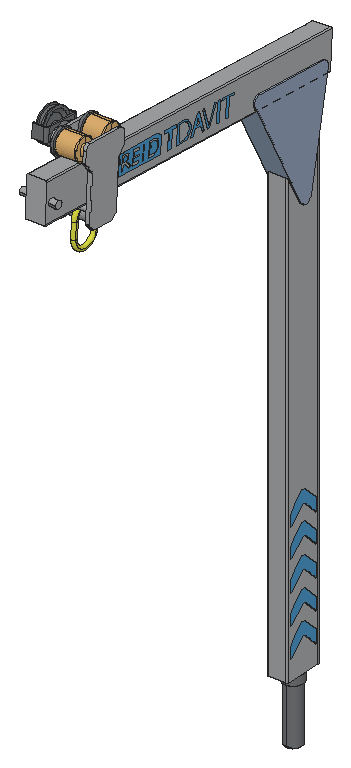
Revit family "REIDLifting_TDAVIT_TDT_GearedTrolley", category Specialty Equipment, Revit 2019
Family settings
  Round Connector Dimension = Use Diameter
  Part Type = Normal
  OmniClass Number = 23.50.05.14
  OmniClass Title = Lifts
  Work Plane-Based = No
  Always vertical = Yes
  Cut with Voids When Loaded = No
  Shared = No
  Room Calculation Point = No
Parameters (values of type "TDTA31200")
  _ObjectUserGuide = "https://www.bimstore.co/products/reid-lifting-tdt/document/object-user-guide"
  _DistributedBy = "https://www.bimstore.co/"
  _CurrentRevision = 1
  _CreatedBy = "https://www.bimstore.co/"
  _BimSpecGuid = 0
  _BSBibleVersion = 17
  _AuthorizedBy = "bimstore"
  _Author = "RL"
  WarrantyStartDate [instance] = "Please Record On Commissioning."
  WarrantyGuarantorParts = "enquiries@reidlifting.com"
  WarrantyGuarantorLabor = "enquiries@reidlifting.com"
  WarrantyDurationUnit = "Years"
  WarrantyDurationParts = "0"
  WarrantyDurationLabor = "0"
  WarrantyDescription = "n/a"
  URL = "https://uk.reidlifting.com/"
  TypeName = "TDAVIT TDT - Geared Trolley"
  Type Comments = "TDTA31200"
  TrolleyPosition [instance] = 1000 mm
  TopMountSocketSTMS1000 = TopMountSocket : STMS1000
  TopMountSocketSTMS0500V2 = TopMountSocket : STMS0500V2
  TopMountSocketSTMG1000 = TopMountSocket : STMG1000
  TopMountSocketSTMG0500V2 = TopMountSocket : STMG0500V2
  TopMountSocketSTMA0500 = TopMountSocket : STMA0500
  TopBeamLength = 1369 mm
  SpareParts = "enquiries@reidlifting.com"
  SocketPedestalsSP1100 = SocketPedestals : SP1100
  SocketPedestalsSP0800 = SocketPedestals : SP0800
  SocketPedestalsSP0500 = SocketPedestals : SP0500
  SocketOffset [instance] = if(Socket = SocketPedestalsSP0500, 500 mm, if(Socket = SocketPedestalsSP0800, 800 mm, if(Socket = SocketPedestalsSP1100, 1100 mm, if(Socket = BridgeMountSocketSBMA0500, 194 mm, if(Socket = BridgeMountSocketSBMG0500, 194 mm, if(Socket = BridgeMountSocketSBMS0500, 194 mm, if(Socket = TopMountSocketSTMA0500, 265.4 mm, if(Socket = TopMountSocketSTMG0500V2, 264 mm, if(Socket = TopMountSocketSTMG1000, 264 mm, if(Socket = TopMountSocketSTMS0500V2, 264 mm, if(Socket = TopMountSocketSTMS1000, 264 mm, if(Socket = SideMountSocketSSMA0500, 414 mm, if(Socket = SideMountSocketSSMG0500V2, 414 mm, if(Socket = SideMountSocketSSMG1000, 414 mm, if(Socket = SideMountSocketSSMS0500V2, 414 mm, if(Socket = SideMountSocketSSMS1000, 414 mm, 0 mm))))))))))))))))  # 0 mm
  SocketExtensionOffset [instance] = 0 mm  # constant formula
  Socket [instance] = BridgeMountSocket : n/a
  Size = "n/a"
  SideMountSocketSSMS1000 = SideMountSocket : SSMS1000
  SideMountSocketSSMS0500V2 = SideMountSocket : SSMS0500V2
  SideMountSocketSSMG1000 = SideMountSocket : SSMG1000
  SideMountSocketSSMG0500V2 = SideMountSocket : SSMG0500V2
  SideMountSocketSSMA0500 = SideMountSocket : SSMA0500
  Shape = "n/a"
  SerialNumber [instance] = "Please Record On Commissioning."
  ReplacementCost = "n/a"
  ReferencedStandard = "n/a"
  ProductionYear = "2023"
  NominalLength = 0 mm
  NominalHeight = 0 mm
  NominalDepth = 0 mm
  NBSReference = "n/a"
  NBSOfficeMasterTag = "n/a"
  NBSObjectName = "REID Lifting - Construction lifts"
  NBSNote = "n/a"
  NBSDescription = "Construction lifts"
  ModelReference = "TDAVIT TDT - Geared Trolley"
  ModelNumber = "TDTA31200"
  Model = "TDAVIT TDT - Geared Trolley"
  Material = "Steel"
  ManufacturerName = "REID Lifting"
  Manufacturer = "REID Lifting"
  Keynote = "N"
  InstallationDate [instance] = "Please Record On Commissioning."
  IfcExportType = "IfcBuildingElementProxy"
  IfcExportAs = "IfcBuildingElementProxy"
  Grade = "n/a"
  Finish = "Painted Steel"
  Features = "n/a"
  ExpectedLife = 0
  DurationUnit = "Years"
  DocumentationTechnical = "https://www.bimstore.co/products/reid-lifting-tdt/document/technical-data-sheet"
  DocumentationMaintenance = "https://www.bimstore.co/products/reid-lifting-tdt/document/maintenance-information"
  DocumentationLiterature = "https://www.bimstore.co/products/reid-lifting-tdt/document/product-literature"
  DocumentationInstallationGuide = "https://www.bimstore.co/products/reid-lifting-tdt/document/installation-guide"
  DocumentationCertificates = "https://www.bimstore.co/products/reid-lifting-tdt/document/product-certificates"
  Description = "Our TDAVIT - TDT is lightweight, portable and has been designed to meet customer needs where the lifting and moving of equipment in tight spaces is a challenge."
  CreatedOn = "2023-03-01T09:00:00"
  CreatedBy = "enquiries@reidlifting.com"
  Cost = 0
  Constituents = "n/a"
  Color = "Grey & Blue"
  CodePerformance = "n/a"
  ClassificationValue = "TE_30_30_10"
  ClassificationName = "Uniclass2015"
  BridgeMountSocketSBMS0500 = BridgeMountSocket : SBMS0500
  BridgeMountSocketSBMG0500 = BridgeMountSocket : SBMG0500
  BridgeMountSocketSBMA0500 = BridgeMountSocket : SBMA0500
  BarCode [instance] = "Please Record On Commissioning."
  BIMObjectName = "REIDLifting_TDAVIT_TDT_GearedTrolley"
  AssetType = "Fixed"
  AssetIdentifier [instance] = "n/a"
  Assembly Code = "D1010300"
  AccessibilityPerformance = "n/a"
Types (12, lengths in mm): name | Type Comments | TopBeamLength | ModelNumber
  TDTA51200 | "TDTA51200" | 1369 | "TDTA51200"
  TDTA32000 | "TDTA32000" | 2147 | "TDTA32000"
  TDTA31700 | "TDTA31700" | 1865 | "TDTA31700"
  TDTA31500 | "TDTA31500" | 1647 | "TDTA31500"
  TDTA31200 | "TDTA31200" | 1369 | "TDTA31200"
  TDTA42000 | "TDTA42000" | 2147 | "TDTA42000"
  TDTA41700 | "TDTA41700" | 1865 | "TDTA41700"
  TDTA41500 | "TDTA41500" | 1647 | "TDTA41500"
  TDTA41200 | "TDTA41200" | 1369 | "TDTA41200"
  TDTA52000 | "TDTA52000" | 2147 | "TDTA52000"
  TDTA51700 | "TDTA51700" | 1865 | "TDTA51700"
  TDTA51500 | "TDTA51500" | 1647 | "TDTA51500"
Reference planes
  plane 1 "Center (Front/Back)": y = 0
  plane 2: z = 0
  plane 3 "Center (Left/Right)": x = 0
  plane 4: z = 0
  plane 5: z = 0
Dimensions and locks
  "SocketOffset": plane 4 to plane 2
  "SocketExtensionOffset": plane 5 to plane 4
  aligned and locked: level to plane 2
  aligned and locked: plane 3 "Center (Left/Right)" to nested 1
  aligned and locked: plane 1 "Center (Front/Back)" to nested 1
  aligned and locked: plane 3 "Center (Left/Right)" to nested 2
  aligned and locked: plane 1 "Center (Front/Back)" to nested 2
Nested families
  nested 1: "REIDLifting_TDT" at (0, 0, 0), TrolleyPosition <- "TrolleyPosition", type "TDT"
    with TrolleyPositionCalc 1000 mm, TrolleyPosition 1000 mm
  nested 2: "BridgeMountSocket" at (0, 0, 0), type <- "Socket", type "n/a"
Definition of nested family "REIDLifting_TDT"
  Parameters (values of type "TDT")
    YellowPaintedSteel = none
    URL = "https://uk.reidlifting.com/"
    Type Comments = "TDTA31200"
    TrolleyPositionCalc [instance] = if(TrolleyPosition > TrolleyPositionMax, TrolleyPositionMax, if(TrolleyPosition < TrolleyPositionMin, TrolleyPositionMin, TrolleyPosition))  # 1000 mm
    TrolleyPosition [instance] = 1000 mm
    TopBeamLength = 1369 mm
    TrolleyPositionMin = 335 mm
    TrolleyPositionMax = 1200 mm
    OrangePaintedSteel = none
    Model = "T-Davit Type T Column 3 Radius 1200mm WLL400kg"
    Manufacturer = "REID Lifting"
    Keynote = "N"
    GreyPaintedSteel = none
    Description = "T-Davit Type T Column 3 Radius 1200mm WLL400kg"
    Default Elevation = 0 mm
    Cost = 0
    BlueSticker = none
    BluePaintedSteel = none
    BlackPaintedSteel = none
    Assembly Code = "D1010300"
  Reference planes
    plane 1 "Center (Front/Back)": y = 0
    plane 2: z = 0
    plane 3 "Center (Left/Right)": x = 0
    plane 4: through (0, 137.289, 2161.825) normal (0, -0.9986, 0.0523)
    plane 5: through (0, -326.565, 2186.134) normal (0, -0.9986, 0.0523)
    plane 6: through (0, -1190.379, 2231.405) normal (0, -0.9986, 0.0523)
    plane 7: through (0, -1229.835, 2233.472) normal (0, -0.9986, 0.0523)
    plane 8: through (0, -990.654, 2220.937) normal (0, -0.9986, 0.0523)
    plane 9: through (0, 7.976, 2168.602) normal (0, -0.9986, 0.0523)
    plane 10: through (0, -1237.811, 2081.281) normal (0, -0.0523, -0.9986)
  Forms (mm)
    Extrusion 1, solid
      sketch origin (0, 0, 0) x (1, 0, 0) y (0, 1, 0)
        loop
          line (-1219.2, 1219.2) -> (-1219.2, -1219.2) -> (1219.2, -1219.2) -> (1219.2, 1219.2) -> (-1219.2, 1219.2)
      from 0 to -304.8
    Revolve 2, solid, material <- "BlackPaintedSteel"
      sketch origin (0, 0, 0) x (0, 1, 0) y (0, 0, 1)
        loop
          line (29.75, -255) -> (31.75, -253) -> (31.75, -40)
          arc (31.75, -40) -> (33.214, -36.464) -> (36.75, -35) r 5
          line (36.75, -35) -> (38.125, -35) -> (38.125, -5) -> (37.25, -5)
          arc (37.25, -5) -> (33.891, -3.609) -> (32.5, -0.25) r 4.75
          line (32.5, -0.25) -> (32.5, 1.75) -> (0, 1.75) -> (0, -255) -> (29.75, -255)
        axis (0, -255) -> (0, 1.75)
      angle from 0 to 360
    Extrusion 3, solid, material <- "GreyPaintedSteel"
      sketch origin (0, 0, 0) x (1, 0, 0) y (0, 1, 0)
        loop
          line (-33.1, -76.2) -> (33.1, -76.2)
          arc (33.1, -76.2) -> (36.636, -74.736) -> (38.1, -71.2) r 5
          line (38.1, -71.2) -> (38.1, 71.2)
          arc (38.1, 71.2) -> (36.636, 74.736) -> (33.1, 76.2) r 5
          line (33.1, 76.2) -> (-33.1, 76.2)
          arc (-33.1, 76.2) -> (-36.636, 74.736) -> (-38.1, 71.2) r 5
          line (-38.1, 71.2) -> (-38.1, -71.2)
          arc (-38.1, -71.2) -> (-36.636, -74.736) -> (-33.1, -76.2) r 5
      from 0 to 1994
    Extrusion 4, solid, material <- "BluePaintedSteel"
      sketch origin (0, 0, 0) x (0, 1, 0) y (0, 0, 1)
        loop
          arc (-216.905, 2090.964) -> (-239.221, 2079.552) -> (-240.42, 2054.516) r 25
          line (-240.42, 2054.516) -> (-22.207, 1632.517)
          arc (-22.207, 1632.517) -> (3.483, 1619.244) -> (24.513, 1639.09) r 25
          line (24.513, 1639.09) -> (105.889, 2045.388)
          arc (105.889, 2045.388) -> (101.119, 2065.633) -> (82.684, 2075.264) r 25
          line (82.684, 2075.264) -> (-216.905, 2090.964)
      from -47.5 to 47.5
    Sweep 5, solid, material <- "GreyPaintedSteel"
      path in 3D
        loop
          line (0, -1237.811, 2081.281) -> (0, 129.313, 2009.633)
      profile origin (0, -554.249, 2045.457) x (0, 0.052336, 0.99863) y (1, 0, 0)
        loop
          line (0, 33.1) -> (0, -33.1)
          arc (0, -33.1) -> (1.464, -36.636) -> (5, -38.1) r 5
          line (5, -38.1) -> (147.4, -38.1)
          arc (147.4, -38.1) -> (150.936, -36.636) -> (152.4, -33.1) r 5
          line (152.4, -33.1) -> (152.4, 33.1)
          arc (152.4, 33.1) -> (150.936, 36.636) -> (147.4, 38.1) r 5
          line (147.4, 38.1) -> (5, 38.1)
          arc (5, 38.1) -> (1.464, 36.636) -> (0, 33.1) r 5
    Extrusion 6, solid, material <- "GreyPaintedSteel"
      sketch origin (0, 0, 0) x (0, 1, 0) y (0, 0, 1)
        loop
          circle (-1213.85, 2156.33) r 12.7
      from -69.6 to 69.6
    Extrusion 7, solid, material <- "BlueSticker"
      sketch origin (0, 0, 0) x (0, 1, 0) y (0, 0, 1)
        loop
          line (59.281, 76.367) -> (59.281, 126.367) -> (6.248, 179.4) -> (-6.248, 179.4) -> (-59.281, 126.367) -> (-59.281, 76.367) -> (-5.042, 130.606) -> (5.042, 130.606) -> (59.281, 76.367)
        loop
          line (59.281, 188.867) -> (59.281, 238.867) -> (6.248, 291.9) -> (-6.248, 291.9) -> (-59.281, 238.867) -> (-59.281, 188.867) -> (-5.042, 243.106) -> (5.042, 243.106) -> (59.281, 188.867)
        loop
          line (59.281, 303.867) -> (59.281, 353.867) -> (6.248, 406.9) -> (-6.248, 406.9) -> (-59.281, 353.867) -> (-59.281, 303.867) -> (-5.042, 358.106) -> (5.042, 358.106) -> (59.281, 303.867)
        loop
          line (59.281, 418.867) -> (59.281, 468.867) -> (6.248, 521.9) -> (-6.248, 521.9) -> (-59.281, 468.867) -> (-59.281, 418.867) -> (-5.042, 473.106) -> (5.042, 473.106) -> (59.281, 418.867)
        loop
          line (59.281, 530.117) -> (59.281, 580.117) -> (6.248, 633.15) -> (-6.248, 633.15) -> (-59.281, 580.117) -> (-59.281, 530.117) -> (-5.042, 584.356) -> (5.042, 584.356) -> (59.281, 530.117)
      from -39.1 to 39.1
    Extrusion 8, solid, material <- "BlueSticker"
      sketch origin (0, 0, 0) x (0, 1, 0) y (0, 0, 1)
        loop
          line (-340.709, 2070.16) -> (-336.742, 2145.848) -> (-516.495, 2155.268)
          arc (-516.495, 2155.268) -> (-531.495, 2149.055) -> (-537.708, 2134.055) r 21.213
          line (-537.708, 2134.055) -> (-540.508, 2080.631) -> (-340.709, 2070.16)
        loop
          line (-351.332, 2080.378) -> (-348.341, 2137.46) -> (-376.143, 2138.917)
          arc (-376.143, 2138.917) -> (-385.146, 2123.189) -> (-377.836, 2106.605) r 20.107
          line (-377.836, 2106.605) -> (-395.514, 2088.928) -> (-388.633, 2080.727) -> (-369.002, 2100.358) -> (-361.011, 2100.358) -> (-361.011, 2080.378) -> (-351.332, 2080.378)
        loop
          line (-361.011, 2113.497) -> (-360.226, 2128.477)
          arc (-360.226, 2128.477) -> (-374.08, 2121.693) -> (-361.011, 2113.497) r 8.826
        loop
          line (-404.003, 2081.532) -> (-400.928, 2140.216) -> (-434.881, 2141.996) -> (-435.585, 2128.573) -> (-411.37, 2127.304) -> (-411.999, 2115.297) -> (-436.214, 2116.566) -> (-436.644, 2108.366) -> (-412.429, 2107.097) -> (-413.023, 2095.749) -> (-437.239, 2097.018) -> (-437.957, 2083.312) -> (-404.003, 2081.532)
        loop
          line (-452.936, 2084.097) -> (-449.861, 2142.781) -> (-459.847, 2143.304) -> (-462.923, 2084.62) -> (-452.936, 2084.097)
        loop
          line (-479.622, 2085.495) -> (-476.546, 2144.179) -> (-503.777, 2145.606)
          arc (-503.777, 2145.606) -> (-531.351, 2117.629) -> (-506.852, 2086.922) r 29.592
          line (-506.852, 2086.922) -> (-479.622, 2085.495)
        loop
          line (-489.167, 2094.439) -> (-486.999, 2135.976) -> (-505.214, 2136.927)
          arc (-505.214, 2136.927) -> (-522.62, 2116.912) -> (-507.129, 2095.381) r 21.364
          line (-507.129, 2095.381) -> (-489.167, 2094.439)
        loop
          line (-576.375, 2080.924) -> (-573.027, 2144.801) -> (-553.768, 2143.791) -> (-553.189, 2154.831) -> (-606.722, 2157.637) -> (-607.301, 2146.597) -> (-588.007, 2145.586) -> (-591.346, 2081.859) -> (-576.375, 2080.924)
        loop
          line (-621.977, 2083.993) -> (-618.077, 2158.232) -> (-651.311, 2159.974)
          arc (-651.311, 2159.974) -> (-682.174, 2126) -> (-659.707, 2085.974) r 39.253
          line (-659.707, 2085.974) -> (-621.977, 2083.993)
        loop
          line (-626.986, 2089.212) -> (-623.606, 2153.515) -> (-651.124, 2154.957)
          arc (-651.124, 2154.957) -> (-676.722, 2125.566) -> (-658.925, 2090.89) r 34.75
          line (-658.925, 2090.89) -> (-626.986, 2089.212)
        loop
          line (-703.885, 2113.723) -> (-695.957, 2087.883) -> (-689.367, 2087.471) -> (-712.939, 2164.297) -> (-716.398, 2164.513) -> (-749.342, 2091.215) -> (-742.726, 2090.802) -> (-731.767, 2115.185) -> (-703.885, 2113.723)
        loop
          line (-736.34, 2166.383) -> (-741.672, 2166.715) -> (-772.013, 2099.21) -> (-793.722, 2169.965) -> (-799.054, 2170.298) -> (-775.482, 2093.472) -> (-769.284, 2093.085) -> (-736.34, 2166.383)
        loop
          line (-857.463, 2099.409) -> (-853.921, 2166.996) -> (-830.667, 2165.777) -> (-830.285, 2173.067) -> (-883.818, 2175.872) -> (-884.2, 2168.582) -> (-860.911, 2167.362) -> (-864.449, 2099.845) -> (-857.463, 2099.409)
        loop
          line (-820.97, 2096.66) -> (-813.656, 2096.276) -> (-809.719, 2171.393) -> (-817.03, 2171.849) -> (-820.97, 2096.66)
        loop
          line (-705.834, 2120.074) -> (-715.464, 2151.46) -> (-728.922, 2121.515) -> (-705.834, 2120.074)
      from -39.1 to 0
    Extrusion 9, solid, material <- "BlueSticker"
      sketch origin (0, -1443.088, 75.629) x (0, -0.994522, 0.104528) y (0, 0.104528, 0.994522)
        loop
          line (-340.709, 2070.16) -> (-336.742, 2145.848) -> (-516.495, 2155.268)
          arc (-516.495, 2155.268) -> (-531.495, 2149.055) -> (-537.708, 2134.055) r 21.213
          line (-537.708, 2134.055) -> (-540.508, 2080.631) -> (-340.709, 2070.16)
        loop
          line (-351.332, 2080.378) -> (-348.341, 2137.46) -> (-376.143, 2138.917)
          arc (-376.143, 2138.917) -> (-385.146, 2123.189) -> (-377.836, 2106.605) r 20.107
          line (-377.836, 2106.605) -> (-395.514, 2088.928) -> (-388.633, 2080.727) -> (-369.002, 2100.358) -> (-361.011, 2100.358) -> (-361.011, 2080.378) -> (-351.332, 2080.378)
        loop
          line (-361.011, 2113.497) -> (-360.226, 2128.477)
          arc (-360.226, 2128.477) -> (-374.08, 2121.693) -> (-361.011, 2113.497) r 8.826
        loop
          line (-404.003, 2081.532) -> (-400.928, 2140.216) -> (-434.881, 2141.996) -> (-435.585, 2128.573) -> (-411.37, 2127.304) -> (-411.999, 2115.297) -> (-436.214, 2116.566) -> (-436.644, 2108.366) -> (-412.429, 2107.097) -> (-413.023, 2095.749) -> (-437.239, 2097.018) -> (-437.957, 2083.312) -> (-404.003, 2081.532)
        loop
          line (-452.936, 2084.097) -> (-449.861, 2142.781) -> (-459.847, 2143.304) -> (-462.923, 2084.62) -> (-452.936, 2084.097)
        loop
          line (-479.622, 2085.495) -> (-476.546, 2144.179) -> (-503.777, 2145.606)
          arc (-503.777, 2145.606) -> (-531.351, 2117.629) -> (-506.852, 2086.922) r 29.592
          line (-506.852, 2086.922) -> (-479.622, 2085.495)
        loop
          line (-489.167, 2094.439) -> (-486.999, 2135.976) -> (-505.214, 2136.927)
          arc (-505.214, 2136.927) -> (-522.62, 2116.912) -> (-507.129, 2095.381) r 21.364
          line (-507.129, 2095.381) -> (-489.167, 2094.439)
        loop
          line (-576.375, 2080.924) -> (-573.027, 2144.801) -> (-553.768, 2143.791) -> (-553.189, 2154.831) -> (-606.722, 2157.637) -> (-607.301, 2146.597) -> (-588.007, 2145.586) -> (-591.346, 2081.859) -> (-576.375, 2080.924)
        loop
          line (-621.977, 2083.993) -> (-618.077, 2158.232) -> (-651.311, 2159.974)
          arc (-651.311, 2159.974) -> (-682.174, 2126) -> (-659.707, 2085.974) r 39.253
          line (-659.707, 2085.974) -> (-621.977, 2083.993)
        loop
          line (-626.986, 2089.212) -> (-623.606, 2153.515) -> (-651.124, 2154.957)
          arc (-651.124, 2154.957) -> (-676.722, 2125.566) -> (-658.925, 2090.89) r 34.75
          line (-658.925, 2090.89) -> (-626.986, 2089.212)
        loop
          line (-703.885, 2113.723) -> (-695.957, 2087.883) -> (-689.367, 2087.471) -> (-712.939, 2164.297) -> (-716.398, 2164.513) -> (-749.342, 2091.215) -> (-742.726, 2090.802) -> (-731.767, 2115.185) -> (-703.885, 2113.723)
        loop
          line (-736.34, 2166.383) -> (-741.672, 2166.715) -> (-772.013, 2099.21) -> (-793.722, 2169.965) -> (-799.054, 2170.298) -> (-775.482, 2093.472) -> (-769.284, 2093.085) -> (-736.34, 2166.383)
        loop
          line (-857.463, 2099.409) -> (-853.921, 2166.996) -> (-830.667, 2165.777) -> (-830.285, 2173.067) -> (-883.818, 2175.872) -> (-884.2, 2168.582) -> (-860.911, 2167.362) -> (-864.449, 2099.845) -> (-857.463, 2099.409)
        loop
          line (-820.97, 2096.66) -> (-813.656, 2096.276) -> (-809.719, 2171.393) -> (-817.03, 2171.849) -> (-820.97, 2096.66)
        loop
          line (-705.834, 2120.074) -> (-715.464, 2151.46) -> (-728.922, 2121.515) -> (-705.834, 2120.074)
      from -39.1 to 0
  Cuts and joins
    joined: Extrusion 3, Sweep 5, Extrusion 6
  Lines and regions (mm)
    reference lines
      curve 1: line (0, -1237.811, 2081.281) -> (0, 129.313, 2009.633)
    sketch lines
      curve 2: line (0, -1237.811, 2081.281) -> (0, 129.313, 2009.633)
  Dimensions and locks
    "TopBeamLength": plane 7 to plane 4
    "TrolleyPositionMin": plane 5 to plane 9
    locked: plane 9 to plane 4 at 129.49
    "TrolleyPositionMax": plane 6 to plane 9
    "TrolleyPositionCalc": plane 8 to plane 9
    locked: plane 10 to Extrusion 6 sketch curve at 76.2
    locked: plane 7 to Extrusion 6 sketch curve at 20
    aligned and locked: plane 2 to Extrusion 1
    aligned and locked: level to Extrusion 1
    aligned and locked: plane 3 "Center (Left/Right)" to nested 1
    aligned and locked: plane 8 to nested 1
    aligned and locked: curve 1 to plane 10
  Automatic sketch dimensions
    Extrusion 1 sketch curve to Extrusion 1 sketch curve = 2438.4 mm  (x2)
    Revolve 2 sketch curve to plane 1 "Center (Front/Back)" = 0 mm  (x2)
    Revolve 2 sketch curve to level = 0 mm
    Revolve 2 sketch curve to plane 1 "Center (Front/Back)" = 29.75 mm
    Revolve 2 sketch curve to Revolve 2 sketch curve = 2 mm  (x2)
    level to Revolve 2 sketch curve = 1.75 mm
    Revolve 2 sketch curve to plane 1 "Center (Front/Back)" = 32.5 mm
    Revolve 2 sketch curve to Revolve 2 sketch curve = 5 mm
    Revolve 2 sketch curve to level = 0.25 mm
    Revolve 2 sketch curve to Revolve 2 sketch curve = 4.75 mm
    Revolve 2 sketch curve to Revolve 2 sketch curve = 0.875 mm
    Revolve 2 sketch curve to Revolve 2 sketch curve = 30 mm
    Revolve 2 sketch curve to Revolve 2 sketch curve = 213 mm
    Revolve 2 sketch curve to Revolve 2 sketch curve = 13.25 mm
    Extrusion 3 sketch curve to plane 3 "Center (Left/Right)" = 38.1 mm
    Extrusion 3 sketch curve to Extrusion 3 sketch curve = 5 mm  (x3)
    plane 3 "Center (Left/Right)" to Extrusion 3 sketch curve = 33.1 mm  (x2)
    plane 1 "Center (Front/Back)" to Extrusion 3 sketch curve = 76.2 mm
    Extrusion 3 sketch curve to plane 1 "Center (Front/Back)" = 71.2 mm
    Extrusion 4 sketch curve to plane 1 "Center (Front/Back)" = 0 mm
    plane 1 "Center (Front/Back)" to Extrusion 4 sketch curve = 22.207 mm
    plane 1 "Center (Front/Back)" to Extrusion 4 sketch curve = 216.905 mm
    Extrusion 4 sketch curve to Extrusion 4 sketch curve = 1.308 mm  (x2)
    Extrusion 4 sketch curve to Extrusion 4 sketch curve = 22.207 mm
    Extrusion 4 sketch curve to plane 1 "Center (Front/Back)" = 24.513 mm
    Extrusion 4 sketch curve to plane 1 "Center (Front/Back)" = 81.376 mm
    Extrusion 4 sketch curve to Extrusion 4 sketch curve = 24.513 mm
    level to Extrusion 4 sketch curve = 1632.517 mm
    Extrusion 4 sketch curve to Extrusion 4 sketch curve = 6.573 mm
    Extrusion 4 sketch curve to Extrusion 4 sketch curve = 406.298 mm
    Extrusion 4 sketch curve to Extrusion 4 sketch curve = 4.91 mm
    Extrusion 4 sketch curve to Extrusion 4 sketch curve = 4.218 mm
    Extrusion 4 sketch curve to Extrusion 4 sketch curve = 11.483 mm
    curve 1 to plane 7 = 0 mm
    curve 1 to plane 4 = 0 mm
    Sweep 5 sketch curve to profile plane = 0 mm
    Sweep 5 sketch curve to Sweep 5 sketch curve = 5 mm  (x2)
    Sweep 5 sketch curve to profile plane = 5 mm
    profile plane to Sweep 5 sketch curve = 38.1 mm
    Sweep 5 sketch curve to Sweep 5 sketch curve = 142.4 mm
    Sweep 5 sketch curve to Sweep 5 sketch curve = 0 mm
    Sweep 5 sketch curve to profile plane = 33.1 mm
    plane 1 "Center (Front/Back)" to Extrusion 7 sketch curve = 59.281 mm  (x5)
    plane 1 "Center (Front/Back)" to Extrusion 7 sketch curve = 6.248 mm  (x5)
    plane 1 "Center (Front/Back)" to Extrusion 7 sketch curve = 5.042 mm  (x5)
    Extrusion 7 sketch curve to plane 1 "Center (Front/Back)" = 5.042 mm  (x5)
    Extrusion 7 sketch curve to plane 1 "Center (Front/Back)" = 6.248 mm  (x5)
    Extrusion 7 sketch curve to Extrusion 7 sketch curve = 54.238 mm
    Extrusion 7 sketch curve to Extrusion 7 sketch curve = 53.033 mm  (x3)
    Extrusion 7 sketch curve to plane 1 "Center (Front/Back)" = 59.281 mm
    level to Extrusion 7 sketch curve = 76.367 mm  (x2)
    Extrusion 7 sketch curve to Extrusion 7 sketch curve = 50 mm  (x10)
    Extrusion 7 sketch curve to Extrusion 7 sketch curve = 4.238 mm  (x5)
    Extrusion 7 sketch curve to Extrusion 7 sketch curve = 48.795 mm  (x5)
    Extrusion 7 sketch curve to Extrusion 7 sketch curve = 9.467 mm  (x2)
    Extrusion 7 sketch curve to Extrusion 7 sketch curve = 11.967 mm  (x4)
    Extrusion 7 sketch curve to Extrusion 7 sketch curve = 8.217 mm  (x2)
    plane 1 "Center (Front/Back)" to Extrusion 8 sketch curve = 884.2 mm
    Extrusion 8 sketch curve to Extrusion 8 sketch curve = 0.382 mm  (x2)
    Extrusion 8 sketch curve to Extrusion 8 sketch curve = 19.75 mm
    Extrusion 8 sketch curve to Extrusion 8 sketch curve = 23.289 mm
    Extrusion 8 sketch curve to Extrusion 8 sketch curve = 6.987 mm
    Extrusion 8 sketch curve to Extrusion 8 sketch curve = 6.99 mm
    Extrusion 8 sketch curve to Extrusion 8 sketch curve = 23.254 mm
    Extrusion 8 sketch curve to Extrusion 8 sketch curve = 36.492 mm
    Extrusion 8 sketch curve to Extrusion 8 sketch curve = 13.255 mm
    Extrusion 8 sketch curve to Extrusion 8 sketch curve = 7.315 mm
    Extrusion 8 sketch curve to Extrusion 8 sketch curve = 7.311 mm
    Extrusion 8 sketch curve to Extrusion 8 sketch curve = 10.665 mm
    Extrusion 8 sketch curve to Extrusion 8 sketch curve = 5.332 mm  (x2)
    Extrusion 8 sketch curve to Extrusion 8 sketch curve = 38.174 mm
    Extrusion 8 sketch curve to Extrusion 8 sketch curve = 3.469 mm
    Extrusion 8 sketch curve to Extrusion 8 sketch curve = 6.198 mm
    Extrusion 8 sketch curve to Extrusion 8 sketch curve = 19.942 mm  (x2)
    Extrusion 8 sketch curve to Extrusion 8 sketch curve = 6.616 mm
    Extrusion 8 sketch curve to Extrusion 8 sketch curve = 52.05 mm
    Extrusion 8 sketch curve to Extrusion 8 sketch curve = 10.959 mm
    Extrusion 8 sketch curve to Extrusion 8 sketch curve = 2.845 mm
    Extrusion 8 sketch curve to Extrusion 8 sketch curve = 0.935 mm  (x2)
    Extrusion 8 sketch curve to Extrusion 8 sketch curve = 3.459 mm
    Extrusion 8 sketch curve to Extrusion 8 sketch curve = 23.089 mm
    Extrusion 8 sketch curve to Extrusion 8 sketch curve = 1.948 mm
    Extrusion 8 sketch curve to Extrusion 8 sketch curve = 7.928 mm
    Extrusion 8 sketch curve to Extrusion 8 sketch curve = 6.59 mm
    Extrusion 8 sketch curve to Extrusion 8 sketch curve = 29.66 mm
    Extrusion 8 sketch curve to Extrusion 8 sketch curve = 0.782 mm
    Extrusion 8 sketch curve to Extrusion 8 sketch curve = 61.628 mm
    Extrusion 8 sketch curve to Extrusion 8 sketch curve = 0.186 mm
    Extrusion 8 sketch curve to Extrusion 8 sketch curve = 7.953 mm
    Extrusion 8 sketch curve to Extrusion 8 sketch curve = 0.944 mm
    Extrusion 8 sketch curve to Extrusion 8 sketch curve = 31.939 mm
    Extrusion 8 sketch curve to Extrusion 8 sketch curve = 27.519 mm
    Extrusion 8 sketch curve to Extrusion 8 sketch curve = 5.009 mm
    Extrusion 8 sketch curve to Extrusion 8 sketch curve = 5.528 mm
    Extrusion 8 sketch curve to Extrusion 8 sketch curve = 10.777 mm
    Extrusion 8 sketch curve to Extrusion 8 sketch curve = 0.579 mm  (x2)
    Extrusion 8 sketch curve to Extrusion 8 sketch curve = 30.631 mm
    Extrusion 8 sketch curve to Extrusion 8 sketch curve = 19.294 mm
    Extrusion 8 sketch curve to Extrusion 8 sketch curve = 14.972 mm
    Extrusion 8 sketch curve to Extrusion 8 sketch curve = 14.979 mm  (x2)
    Extrusion 8 sketch curve to Extrusion 8 sketch curve = 19.26 mm
    Extrusion 8 sketch curve to Extrusion 8 sketch curve = 35.866 mm
    Extrusion 8 sketch curve to Extrusion 8 sketch curve = 16.059 mm
    Extrusion 8 sketch curve to Extrusion 8 sketch curve = 21.213 mm
    Extrusion 8 sketch curve to Extrusion 8 sketch curve = 33.38 mm
    Extrusion 8 sketch curve to Extrusion 8 sketch curve = 0.276 mm
    Extrusion 8 sketch curve to Extrusion 8 sketch curve = 11.282 mm
    Extrusion 8 sketch curve to Extrusion 8 sketch curve = 1.437 mm
    Extrusion 8 sketch curve to Extrusion 8 sketch curve = 3.414 mm
    Extrusion 8 sketch curve to Extrusion 8 sketch curve = 0.521 mm
    Extrusion 8 sketch curve to Extrusion 8 sketch curve = 17.962 mm
    Extrusion 8 sketch curve to Extrusion 8 sketch curve = 18.214 mm
    Extrusion 8 sketch curve to Extrusion 8 sketch curve = 9.545 mm
    Extrusion 8 sketch curve to Extrusion 8 sketch curve = 10.453 mm
    Extrusion 8 sketch curve to Extrusion 8 sketch curve = 16.699 mm  (x2)
    Extrusion 8 sketch curve to Extrusion 8 sketch curve = 9.986 mm
    Extrusion 8 sketch curve to Extrusion 8 sketch curve = 0.718 mm
    Extrusion 8 sketch curve to Extrusion 8 sketch curve = 0.595 mm  (x2)
    Extrusion 8 sketch curve to Extrusion 8 sketch curve = 0.43 mm  (x2)
    Extrusion 8 sketch curve to Extrusion 8 sketch curve = 0.629 mm  (x2)
    Extrusion 8 sketch curve to Extrusion 8 sketch curve = 0.703 mm
    Extrusion 8 sketch curve to Extrusion 8 sketch curve = 24.215 mm
    Extrusion 8 sketch curve to Extrusion 8 sketch curve = 9.02 mm
    Extrusion 8 sketch curve to Extrusion 8 sketch curve = 8.489 mm
    Extrusion 8 sketch curve to Extrusion 8 sketch curve = 6.882 mm
    Extrusion 8 sketch curve to Extrusion 8 sketch curve = 17.678 mm
    Extrusion 8 sketch curve to Extrusion 8 sketch curve = 24.785 mm
    Extrusion 8 sketch curve to Extrusion 8 sketch curve = 8.835 mm
    Extrusion 8 sketch curve to Extrusion 8 sketch curve = 12.571 mm
    Extrusion 8 sketch curve to Extrusion 8 sketch curve = 0.199 mm
    Extrusion 8 sketch curve to Extrusion 8 sketch curve = 7.991 mm
    Extrusion 8 sketch curve to Extrusion 8 sketch curve = 4.255 mm
    Extrusion 8 sketch curve to Extrusion 8 sketch curve = 4.841 mm
    Extrusion 8 sketch curve to Extrusion 8 sketch curve = 9.679 mm
    Extrusion 8 sketch curve to Extrusion 8 sketch curve = 11.885 mm
    Extrusion 8 sketch curve to Extrusion 8 sketch curve = 10.624 mm
    Extrusion 8 sketch curve to Extrusion 8 sketch curve = 11.599 mm
    level to Extrusion 8 sketch curve = 2070.16 mm
    Extrusion 8 sketch curve to Extrusion 8 sketch curve = 10.218 mm
    Extrusion 8 sketch curve to Extrusion 8 sketch curve = 0.349 mm
    Extrusion 8 sketch curve to Extrusion 8 sketch curve = 0.294 mm
    Extrusion 8 sketch curve to Extrusion 8 sketch curve = 0.806 mm
    Extrusion 8 sketch curve to Extrusion 8 sketch curve = 1.779 mm
    Extrusion 8 sketch curve to Extrusion 8 sketch curve = 2.133 mm
    Extrusion 8 sketch curve to Extrusion 8 sketch curve = 0.785 mm
    Extrusion 8 sketch curve to Extrusion 8 sketch curve = 0.523 mm
    Extrusion 8 sketch curve to Extrusion 8 sketch curve = 0.875 mm
    Extrusion 8 sketch curve to Extrusion 8 sketch curve = 1.982 mm
    Extrusion 8 sketch curve to Extrusion 8 sketch curve = 1.427 mm
    Extrusion 8 sketch curve to Extrusion 8 sketch curve = 1.497 mm
    Extrusion 8 sketch curve to Extrusion 8 sketch curve = 0.411 mm
    Extrusion 8 sketch curve to Extrusion 8 sketch curve = 8.201 mm
    Extrusion 8 sketch curve to Extrusion 8 sketch curve = 5.219 mm
    Extrusion 8 sketch curve to Extrusion 8 sketch curve = 2.92 mm
    Extrusion 8 sketch curve to Extrusion 8 sketch curve = 4.916 mm
    Extrusion 8 sketch curve to Extrusion 8 sketch curve = 0.413 mm
    Extrusion 8 sketch curve to Extrusion 8 sketch curve = 1.869 mm  (x2)
    Extrusion 8 sketch curve to Extrusion 8 sketch curve = 0.387 mm
    Extrusion 8 sketch curve to Extrusion 8 sketch curve = 8.944 mm
    Extrusion 8 sketch curve to Extrusion 8 sketch curve = 8.458 mm
    Extrusion 8 sketch curve to Extrusion 8 sketch curve = 2.805 mm
    Extrusion 8 sketch curve to Extrusion 8 sketch curve = 0.383 mm
    Extrusion 8 sketch curve to Extrusion 8 sketch curve = 6.125 mm
    Extrusion 8 sketch curve to Extrusion 8 sketch curve = 2.749 mm
    Extrusion 8 sketch curve to Extrusion 8 sketch curve = 0.436 mm
    Extrusion 8 sketch curve to Extrusion 8 sketch curve = 19.98 mm
    Extrusion 8 sketch curve to Extrusion 8 sketch curve = 6.248 mm
    Extrusion 8 sketch curve to Extrusion 8 sketch curve = 13.14 mm
    Extrusion 8 sketch curve to Extrusion 8 sketch curve = 25.841 mm
    Extrusion 8 sketch curve to Extrusion 8 sketch curve = 24.382 mm
    Extrusion 8 sketch curve to Extrusion 8 sketch curve = 0.152 mm
    Extrusion 8 sketch curve to Extrusion 8 sketch curve = 6.35 mm
    Extrusion 8 sketch curve to Extrusion 8 sketch curve = 7.733 mm
    Extrusion 8 sketch curve to Extrusion 8 sketch curve = 30.475 mm
    Extrusion 8 sketch curve to Extrusion 8 sketch curve = 6.33 mm
    Extrusion 8 sketch curve to Extrusion 8 sketch curve = 0.209 mm
    Extrusion 8 sketch curve to Extrusion 8 sketch curve = 0.906 mm
    Extrusion 8 sketch curve to Extrusion 8 sketch curve = 31.386 mm
    Extrusion 8 sketch curve to Extrusion 8 sketch curve = 12.838 mm
    Extrusion 8 sketch curve to Extrusion 8 sketch curve = 0.216 mm
    Extrusion 8 sketch curve to Extrusion 8 sketch curve = 0.333 mm  (x2)
    Extrusion 8 sketch curve to Extrusion 8 sketch curve = 1.428 mm
    plane 5 to Extrusion 9 sketch curve = 8.055 mm
    Extrusion 9 sketch curve to plane 10 = 105.688 mm
    Extrusion 9 sketch curve to Extrusion 9 sketch curve = 0.382 mm  (x2)
    Extrusion 9 sketch curve to Extrusion 9 sketch curve = 19.75 mm
    Extrusion 9 sketch curve to Extrusion 9 sketch curve = 23.289 mm
    Extrusion 9 sketch curve to Extrusion 9 sketch curve = 6.987 mm
    Extrusion 9 sketch curve to Extrusion 9 sketch curve = 6.99 mm
    Extrusion 9 sketch curve to Extrusion 9 sketch curve = 23.254 mm
    Extrusion 9 sketch curve to Extrusion 9 sketch curve = 36.492 mm
    Extrusion 9 sketch curve to Extrusion 9 sketch curve = 13.255 mm
    Extrusion 9 sketch curve to Extrusion 9 sketch curve = 7.315 mm
    Extrusion 9 sketch curve to Extrusion 9 sketch curve = 7.311 mm
    Extrusion 9 sketch curve to Extrusion 9 sketch curve = 10.665 mm
    Extrusion 9 sketch curve to Extrusion 9 sketch curve = 5.332 mm  (x2)
    Extrusion 9 sketch curve to Extrusion 9 sketch curve = 38.174 mm
    Extrusion 9 sketch curve to Extrusion 9 sketch curve = 3.469 mm
    Extrusion 9 sketch curve to Extrusion 9 sketch curve = 6.198 mm
    Extrusion 9 sketch curve to Extrusion 9 sketch curve = 19.942 mm  (x2)
    Extrusion 9 sketch curve to Extrusion 9 sketch curve = 6.616 mm
    Extrusion 9 sketch curve to Extrusion 9 sketch curve = 52.05 mm
    Extrusion 9 sketch curve to Extrusion 9 sketch curve = 10.959 mm
    Extrusion 9 sketch curve to Extrusion 9 sketch curve = 2.845 mm
    Extrusion 9 sketch curve to Extrusion 9 sketch curve = 0.935 mm
    Extrusion 9 sketch curve to Extrusion 9 sketch curve = 3.459 mm
    Extrusion 9 sketch curve to Extrusion 9 sketch curve = 23.089 mm
    Extrusion 9 sketch curve to Extrusion 9 sketch curve = 1.948 mm
    Extrusion 9 sketch curve to Extrusion 9 sketch curve = 7.928 mm
    Extrusion 9 sketch curve to Extrusion 9 sketch curve = 6.59 mm
    Extrusion 9 sketch curve to Extrusion 9 sketch curve = 29.66 mm
    Extrusion 9 sketch curve to Extrusion 9 sketch curve = 0.782 mm
    Extrusion 9 sketch curve to Extrusion 9 sketch curve = 61.628 mm
    Extrusion 9 sketch curve to Extrusion 9 sketch curve = 0.186 mm
    Extrusion 9 sketch curve to Extrusion 9 sketch curve = 7.953 mm
    Extrusion 9 sketch curve to Extrusion 9 sketch curve = 0.944 mm
    Extrusion 9 sketch curve to Extrusion 9 sketch curve = 31.939 mm
    Extrusion 9 sketch curve to Extrusion 9 sketch curve = 27.519 mm
    Extrusion 9 sketch curve to Extrusion 9 sketch curve = 5.009 mm
    Extrusion 9 sketch curve to Extrusion 9 sketch curve = 5.528 mm
    Extrusion 9 sketch curve to Extrusion 9 sketch curve = 10.777 mm
    Extrusion 9 sketch curve to Extrusion 9 sketch curve = 0.579 mm  (x2)
    Extrusion 9 sketch curve to Extrusion 9 sketch curve = 30.631 mm
    Extrusion 9 sketch curve to Extrusion 9 sketch curve = 19.294 mm
    Extrusion 9 sketch curve to Extrusion 9 sketch curve = 14.972 mm
    Extrusion 9 sketch curve to Extrusion 9 sketch curve = 14.979 mm  (x2)
    Extrusion 9 sketch curve to Extrusion 9 sketch curve = 19.26 mm
    Extrusion 9 sketch curve to Extrusion 9 sketch curve = 35.866 mm
    Extrusion 9 sketch curve to Extrusion 9 sketch curve = 16.059 mm
    Extrusion 9 sketch curve to Extrusion 9 sketch curve = 21.213 mm
    Extrusion 9 sketch curve to Extrusion 9 sketch curve = 33.38 mm
    Extrusion 9 sketch curve to Extrusion 9 sketch curve = 0.276 mm
    Extrusion 9 sketch curve to Extrusion 9 sketch curve = 11.282 mm
    Extrusion 9 sketch curve to Extrusion 9 sketch curve = 1.437 mm
    Extrusion 9 sketch curve to Extrusion 9 sketch curve = 3.414 mm
    Extrusion 9 sketch curve to Extrusion 9 sketch curve = 0.521 mm
    Extrusion 9 sketch curve to Extrusion 9 sketch curve = 17.962 mm
    Extrusion 9 sketch curve to Extrusion 9 sketch curve = 18.214 mm
    Extrusion 9 sketch curve to Extrusion 9 sketch curve = 9.545 mm
    Extrusion 9 sketch curve to Extrusion 9 sketch curve = 10.453 mm
    Extrusion 9 sketch curve to Extrusion 9 sketch curve = 16.699 mm  (x2)
    Extrusion 9 sketch curve to Extrusion 9 sketch curve = 9.986 mm
    Extrusion 9 sketch curve to Extrusion 9 sketch curve = 0.718 mm
    Extrusion 9 sketch curve to Extrusion 9 sketch curve = 0.595 mm  (x3)
    Extrusion 9 sketch curve to Extrusion 9 sketch curve = 0.43 mm  (x2)
    Extrusion 9 sketch curve to Extrusion 9 sketch curve = 0.629 mm  (x2)
    Extrusion 9 sketch curve to Extrusion 9 sketch curve = 0.703 mm
    Extrusion 9 sketch curve to Extrusion 9 sketch curve = 24.215 mm
    Extrusion 9 sketch curve to Extrusion 9 sketch curve = 9.02 mm
    Extrusion 9 sketch curve to Extrusion 9 sketch curve = 8.489 mm
    Extrusion 9 sketch curve to Extrusion 9 sketch curve = 6.882 mm
    Extrusion 9 sketch curve to Extrusion 9 sketch curve = 17.678 mm
    Extrusion 9 sketch curve to Extrusion 9 sketch curve = 24.785 mm
    Extrusion 9 sketch curve to Extrusion 9 sketch curve = 8.835 mm
    Extrusion 9 sketch curve to Extrusion 9 sketch curve = 12.571 mm
    Extrusion 9 sketch curve to Extrusion 9 sketch curve = 0.199 mm
    Extrusion 9 sketch curve to Extrusion 9 sketch curve = 7.991 mm
    Extrusion 9 sketch curve to Extrusion 9 sketch curve = 4.255 mm
    Extrusion 9 sketch curve to Extrusion 9 sketch curve = 4.841 mm
    Extrusion 9 sketch curve to Extrusion 9 sketch curve = 9.679 mm
    Extrusion 9 sketch curve to Extrusion 9 sketch curve = 11.885 mm
    Extrusion 9 sketch curve to Extrusion 9 sketch curve = 10.624 mm
    Extrusion 9 sketch curve to Extrusion 9 sketch curve = 11.599 mm
    Extrusion 9 sketch curve to Extrusion 9 sketch curve = 1.221 mm
    Extrusion 9 sketch curve to Extrusion 9 sketch curve = 6.351 mm
    Extrusion 9 sketch curve to Extrusion 9 sketch curve = 0.333 mm  (x2)
    Extrusion 9 sketch curve to Extrusion 9 sketch curve = 1.869 mm  (x2)
    Extrusion 9 sketch curve to Extrusion 9 sketch curve = 0.216 mm
    Extrusion 9 sketch curve to Extrusion 9 sketch curve = 4.323 mm
    Extrusion 9 sketch curve to Extrusion 9 sketch curve = 1.742 mm
    Extrusion 9 sketch curve to Extrusion 9 sketch curve = 2.369 mm
    Extrusion 9 sketch curve to Extrusion 9 sketch curve = 5.017 mm
    Extrusion 9 sketch curve to Extrusion 9 sketch curve = 20.777 mm
    Extrusion 9 sketch curve to Extrusion 9 sketch curve = 4.717 mm
    Extrusion 9 sketch curve to Extrusion 9 sketch curve = 12.838 mm
    Extrusion 9 sketch curve to Extrusion 9 sketch curve = 9.662 mm
    Extrusion 9 sketch curve to Extrusion 9 sketch curve = 1.427 mm
    Extrusion 9 sketch curve to Extrusion 9 sketch curve = 0.875 mm
    Extrusion 9 sketch curve to Extrusion 9 sketch curve = 0.523 mm
    Extrusion 9 sketch curve to Extrusion 9 sketch curve = 0.785 mm
    Extrusion 9 sketch curve to Extrusion 9 sketch curve = 1.779 mm
    Extrusion 9 sketch curve to Extrusion 9 sketch curve = 1.299 mm
    Extrusion 9 sketch curve to Extrusion 9 sketch curve = 8.387 mm
    Extrusion 9 sketch curve to Extrusion 9 sketch curve = 8.68 mm
    Extrusion 9 sketch curve to Extrusion 9 sketch curve = 8.203 mm
    Extrusion 9 sketch curve to Extrusion 9 sketch curve = 8.983 mm
    Extrusion 9 sketch curve to Extrusion 9 sketch curve = 6.341 mm
    Extrusion 9 sketch curve to Extrusion 9 sketch curve = 33.383 mm
    Extrusion 9 sketch curve to Extrusion 9 sketch curve = 29.945 mm
    Extrusion 9 sketch curve to Extrusion 9 sketch curve = 0.209 mm
    Extrusion 9 sketch curve to Extrusion 9 sketch curve = 0.906 mm
    Extrusion 9 sketch curve to Extrusion 9 sketch curve = 1.441 mm
    Extrusion 9 sketch curve to Extrusion 9 sketch curve = 0.152 mm
    Extrusion 9 sketch curve to Extrusion 9 sketch curve = 6.33 mm
    Extrusion 9 sketch curve to Extrusion 9 sketch curve = 6.35 mm
    Extrusion 9 sketch curve to Extrusion 9 sketch curve = 13.14 mm
    Extrusion 9 sketch curve to Extrusion 9 sketch curve = 15.975 mm
    Extrusion 9 sketch curve to Extrusion 9 sketch curve = 2.749 mm
    Extrusion 9 sketch curve to Extrusion 9 sketch curve = 0.383 mm
    Extrusion 9 sketch curve to Extrusion 9 sketch curve = 5.738 mm
    Extrusion 9 sketch curve to Extrusion 9 sketch curve = 0.387 mm
    Extrusion 9 sketch curve to Extrusion 9 sketch curve = 0.413 mm
    Extrusion 9 sketch curve to Extrusion 9 sketch curve = 7.396 mm
    Extrusion 9 sketch curve to Extrusion 9 sketch curve = 25.841 mm
    Extrusion 9 sketch curve to Extrusion 9 sketch curve = 0.411 mm
    Extrusion 9 sketch curve to Extrusion 9 sketch curve = 8.201 mm
    Extrusion 9 sketch curve to Extrusion 9 sketch curve = 1.428 mm
    radius of Extrusion 6 sketch curve = 12.7 mm
  Nested families
    nested 1: "Trolley" at (0, -998.63, 2068.746) x (1, 0, 0) z (0, 0.0523, 0.9986), type "Trolley"
  Definition of nested family "Trolley"
    Parameters (values of type "Trolley")
      Yellow = none
      Orange = none
      Grey = none
      Default Elevation = 1219.2 mm
      Black = none
    Reference planes
      plane 1 "Center (Front/Back)": y = 0
      plane 2: z = 0
      plane 3 "Center (Left/Right)": x = 0
    Forms (mm)
      Extrusion 1, solid
        sketch origin (0, 0, 0) x (1, 0, 0) y (0, 1, 0)
          loop
            line (-1219.2, 1219.2) -> (-1219.2, -1219.2) -> (1219.2, -1219.2) -> (1219.2, 1219.2) -> (-1219.2, 1219.2)
        from 0 to -304.8
      Extrusion 2, solid, material <- "Grey"
        sketch origin (0, 0, 0) x (0, 1, 0) y (0, 0, 1)
          loop
            arc (63.5, 126.116) -> (64.147, 129.655) -> (66.005, 132.736) r 10
            line (66.005, 132.736) -> (87.495, 157.064)
            arc (87.495, 157.064) -> (89.353, 160.145) -> (90, 163.684) r 10
            line (90, 163.684) -> (90, 204.9)
            arc (90, 204.9) -> (84.142, 219.042) -> (70, 224.9) r 20
            line (70, 224.9) -> (-70, 224.9)
            arc (-70, 224.9) -> (-84.142, 219.042) -> (-90, 204.9) r 20
            line (-90, 204.9) -> (-90, 163.684)
            arc (-90, 163.684) -> (-89.353, 160.145) -> (-87.495, 157.064) r 10
            line (-87.495, 157.064) -> (-66.005, 132.736)
            arc (-66.005, 132.736) -> (-64.147, 129.655) -> (-63.5, 126.116) r 10
            line (-63.5, 126.116) -> (-63.5, -52.958)
            arc (-63.5, -52.958) -> (-62.739, -56.785) -> (-60.571, -60.029) r 10
            line (-60.571, -60.029) -> (-46.429, -74.171)
            arc (-46.429, -74.171) -> (-43.185, -76.339) -> (-39.358, -77.1) r 10
            line (-39.358, -77.1) -> (39.358, -77.1)
            arc (39.358, -77.1) -> (43.185, -76.339) -> (46.429, -74.171) r 10
            line (46.429, -74.171) -> (60.571, -60.029)
            arc (60.571, -60.029) -> (62.739, -56.785) -> (63.5, -52.958) r 10
            line (63.5, -52.958) -> (63.5, 126.116)
        from 55.5 to 68.2
      Extrusion 3, solid, material <- "Grey"
        sketch origin (0, 0, 0) x (0, 1, 0) y (0, 0, 1)
          loop
            arc (63.5, 126.116) -> (64.147, 129.655) -> (66.005, 132.736) r 10
            line (66.005, 132.736) -> (87.495, 157.064)
            arc (87.495, 157.064) -> (89.353, 160.145) -> (90, 163.684) r 10
            line (90, 163.684) -> (90, 204.9)
            arc (90, 204.9) -> (84.142, 219.042) -> (70, 224.9) r 20
            line (70, 224.9) -> (-70, 224.9)
            arc (-70, 224.9) -> (-84.142, 219.042) -> (-90, 204.9) r 20
            line (-90, 204.9) -> (-90, 163.684)
            arc (-90, 163.684) -> (-89.353, 160.145) -> (-87.495, 157.064) r 10
            line (-87.495, 157.064) -> (-66.005, 132.736)
            arc (-66.005, 132.736) -> (-64.147, 129.655) -> (-63.5, 126.116) r 10
            line (-63.5, 126.116) -> (-63.5, -52.958)
            arc (-63.5, -52.958) -> (-62.739, -56.785) -> (-60.571, -60.029) r 10
            line (-60.571, -60.029) -> (-46.429, -74.171)
            arc (-46.429, -74.171) -> (-43.185, -76.339) -> (-39.358, -77.1) r 10
            line (-39.358, -77.1) -> (39.358, -77.1)
            arc (39.358, -77.1) -> (43.185, -76.339) -> (46.429, -74.171) r 10
            line (46.429, -74.171) -> (60.571, -60.029)
            arc (60.571, -60.029) -> (62.739, -56.785) -> (63.5, -52.958) r 10
            line (63.5, -52.958) -> (63.5, 126.116)
        from -55.5 to -68.2
      Extrusion 4, solid, material <- "Black"
        sketch origin (0, 0, 0) x (0, 1, 0) y (0, 0, 1)
          loop
            line (30, 209.747) -> (18.661, 209.747)
            arc (18.661, 209.747) -> (0, 218.747) -> (-18.661, 209.747) r 23.847
            line (-18.661, 209.747) -> (-30, 209.747)
            arc (-30, 209.747) -> (-44.847, 194.9) -> (-30, 180.053) r 14.847
            line (-30, 180.053) -> (-18.661, 180.053)
            arc (-18.661, 180.053) -> (0, 171.053) -> (18.661, 180.053) r 23.847
            line (18.661, 180.053) -> (30, 180.053)
            arc (30, 180.053) -> (44.847, 194.9) -> (30, 209.747) r 14.847
        from -98.8 to -68.2
      Extrusion 5, solid, material <- "Black"
        sketch origin (0, 0, 0) x (1, 0, 0) y (0, 1, 0)
          loop
            line (-110.8, -66.5) -> (-153.8, -66.5) -> (-153.8, -72.5) -> (-110.8, -72.5)
            arc (-110.8, -72.5) -> (-102.315, -68.985) -> (-98.8, -60.5) r 12
            line (-98.8, -60.5) -> (-98.8, 60.5)
            arc (-98.8, 60.5) -> (-102.315, 68.985) -> (-110.8, 72.5) r 12
            line (-110.8, 72.5) -> (-153.8, 72.5) -> (-153.8, 66.5) -> (-110.8, 66.5)
            arc (-110.8, 66.5) -> (-106.557, 64.743) -> (-104.8, 60.5) r 6
            line (-104.8, 60.5) -> (-104.8, -60.5)
            arc (-104.8, -60.5) -> (-106.557, -64.743) -> (-110.8, -66.5) r 6
        from 169.9 to 219.913
      Extrusion 6, solid, material <- "Black"
        sketch origin (0, 0, 0) x (0, 1, 0) y (0, 0, 1)
          loop
            arc (20.578, 52.823) -> (17.234, 61.279) -> (8.147, 60.945) r 7.875
            line (8.147, 60.945) -> (5.796, 59.149)
            arc (5.796, 59.149) -> (-1.079, 56.632) -> (-8.169, 58.456) r 12.333
            line (-8.169, 58.456) -> (-10.687, 60.01)
            arc (-10.687, 60.01) -> (-19.762, 59.442) -> (-22.252, 50.696) r 7.875
            line (-22.252, 50.696) -> (-21.271, 47.906)
            arc (-21.271, 47.906) -> (-21.002, 40.589) -> (-24.927, 34.41) r 12.333
            line (-24.927, 34.41) -> (-27.183, 32.496)
            arc (-27.183, 32.496) -> (-29.448, 23.689) -> (-21.9, 18.618) r 7.875
            line (-21.9, 18.618) -> (-18.942, 18.689)
            arc (-18.942, 18.689) -> (-11.901, 16.684) -> (-7.236, 11.041) r 12.333
            line (-7.236, 11.041) -> (-6.113, 8.304)
            arc (-6.113, 8.304) -> (1.563, 3.429) -> (8.718, 9.041) r 7.875
            line (8.718, 9.041) -> (9.564, 11.875)
            arc (9.564, 11.875) -> (13.647, 17.953) -> (20.455, 20.645) r 12.333
            line (20.455, 20.645) -> (23.405, 20.867)
            arc (23.405, 20.867) -> (30.414, 26.661) -> (27.287, 35.2) r 7.875
            line (27.287, 35.2) -> (24.853, 36.881)
            arc (24.853, 36.881) -> (20.335, 42.642) -> (19.878, 49.949) r 12.333
            line (19.878, 49.949) -> (20.578, 52.823)
        from -122.5 to -101.5
      Extrusion 7, solid, material <- "Grey"
        sketch origin (0, 0, 0) x (0, 1, 0) y (0, 0, 1)
          loop
            circle (43, -13.1) r 10
          loop
            circle (0, -45.1) r 31.75
          loop
            circle (-43, -13.1) r 10
        from -55.5 to 55.5
      Revolve 8, solid, material <- "Black"
        sketch origin (0, 0, 194.9) x (1, 0, 0) y (0, 1, 0)
          loop
            line (-108.3, 13.9) -> (-130.382, 13.9) -> (-130.382, 39.9) -> (-120.3, 54.918) -> (-120.3, 65) -> (-124.3, 65) -> (-124.3, 60.844) -> (-130.382, 54.762) -> (-139.218, 54.762) -> (-145.3, 60.844) -> (-145.3, 65) -> (-149.3, 65) -> (-149.3, 54.918) -> (-138.3, 39.702) -> (-138.3, 0) -> (-108.3, 0) -> (-108.3, 13.9)
          axis (-108.3, 0) -> (-149.3, 0)
        angle from 0 to 360
      Revolve 9, solid, material <- "Black"
        sketch origin (0, 0, 34.927) x (1, 0, 0) y (0, 1, 0)
          loop
            line (-101.5, 0) -> (-68.2, 0) -> (-68.2, 6) -> (-85.8, 6) -> (-85.8, 9.5) -> (-86.8, 11) -> (-101.5, 11) -> (-101.5, 0)
          axis (-68.2, 0) -> (-101.5, 0)
        angle from 0 to 360
      Revolve 10, solid, material <- "Orange"
        sketch origin (0, 65, 0) x (1, 0, 0) y (0, 0, 1)
          loop
            line (-41, 194.9) -> (55.5, 194.9) -> (55.5, 217.4) -> (39, 217.4) -> (39, 234.9)
            arc (39, 234.9) -> (38.268, 236.668) -> (36.5, 237.4) r 2.5
            line (36.5, 237.4) -> (-38.51, 237.4)
            arc (-38.51, 237.4) -> (-40.271, 236.664) -> (-41, 234.9) r 2.5
            line (-41, 234.9) -> (-41, 194.9)
          axis (55.5, 194.9) -> (-41, 194.9)
        angle from 0 to 360
      Revolve 11, solid, material <- "Orange"
        sketch origin (0, -65, 0) x (1, 0, 0) y (0, 0, 1)
          loop
            line (-41, 194.9) -> (55.5, 194.9) -> (55.5, 217.4) -> (39, 217.4) -> (39, 234.9)
            arc (39, 234.9) -> (38.268, 236.668) -> (36.5, 237.4) r 2.5
            line (36.5, 237.4) -> (-38.51, 237.4)
            arc (-38.51, 237.4) -> (-40.271, 236.664) -> (-41, 234.9) r 2.5
            line (-41, 234.9) -> (-41, 194.9)
          axis (55.5, 194.9) -> (-41, 194.9)
        angle from 0 to 360
      Sweep 12, solid, material <- "Yellow"
        path origin (0, 0, 0) x (0, 1, 0) y (0, 0, 1)
          loop
            line (40, -126.05) -> (40, -66.05)
            arc (40, -66.05) -> (0, -26.05) -> (-40, -66.05) r 40
            line (-40, -66.05) -> (-40, -126.05)
            arc (-40, -126.05) -> (0, -166.05) -> (40, -126.05) r 40
        profile origin (0, 40, -96.05) x (0, -1, 0) y (1, 0, 0)
          loop
            circle (-8.5, 0) r 8.5
      Revolve 13, solid, material <- "Black"
        sketch origin (0, -65, 0) x (1, 0, 0) y (0, 0, 1)
          loop
            line (-55.5, 194.9) -> (-41, 194.9) -> (-41, 241.4) -> (-51, 241.4) -> (-51, 217.4) -> (-55.5, 217.4) -> (-55.5, 194.9)
          axis (-41, 194.9) -> (-55.5, 194.9)
        angle from 0 to 360
      Revolve 14, solid, material <- "Black"
        sketch origin (0, 65, 0) x (1, 0, 0) y (0, 0, 1)
          loop
            line (-55.5, 194.9) -> (-41, 194.9) -> (-41, 241.4) -> (-51, 241.4) -> (-51, 217.4) -> (-55.5, 217.4) -> (-55.5, 194.9)
          axis (-41, 194.9) -> (-55.5, 194.9)
        angle from 0 to 360
    Dimensions and locks
      aligned and locked: plane 2 to Extrusion 1
      aligned and locked: level to Extrusion 1
Definition of nested family "BridgeMountSocket"
  Parameters (values of type "n/a")
    Width = 250 mm
    Visible = no
    Material [instance] = none
    Length = 250 mm
    Height = 194 mm
  Types (4, lengths in mm): name | Visible
    SBMG0500 | yes
    SBMS0500 | yes
    SBMA0500 | yes
    n/a | no
  Reference planes
    plane 1 "Center (Front/Back)": y = 0
    plane 2: z = 0
    plane 3 "Center (Left/Right)": x = 0
    plane 4: z = 182
    plane 5: z = 12
    plane 6: z = 194
    plane 7: z = 0
    plane 8: x = -115
    plane 9: x = 115
    plane 10: x = -125
    plane 11: x = 125
    plane 12: z = 194
    plane 13: z = 0
    plane 14: y = 125
    plane 15: y = -125
    plane 16: z = 164.038
  Forms (mm)
    Extrusion 1, solid, material <- "Material", visible <- "Visible"
      sketch origin (0, 0, 97) x (1, 0, 0) y (0, 0, 1)
        loop
          line (-125, 97) -> (-125, 91) -> (-119, 85) -> (-125, 85) -> (-125, -85) -> (-119, -85) -> (-125, -91) -> (-125, -97) -> (125, -97) -> (125, -91) -> (119, -85) -> (125, -85) -> (125, 85) -> (119, 85) -> (125, 91) -> (125, 97) -> (-125, 97)
        loop
          line (-115, 85) -> (-115, -85) -> (115, -85) -> (115, 85) -> (-115, 85)
      from -125 to 125
    Extrusion 2, solid, material <- "Material", visible <- "Visible"
      sketch origin (0, 0, 0) x (1, 0, 0) y (0, 1, 0)
        loop
          circle (0, 0) r 44.45
      from 12 to 182
    Extrusion 3, void
      sketch origin (0, 0, 97) x (0, 1, 0) y (0, 0, 1)
        loop
          circle (100, -37.038) r 8.968
        loop
          arc (109, 23) -> (100, 32) -> (91, 23) r 9
          line (91, 23) -> (91, 7)
          arc (91, 7) -> (100, -2) -> (109, 7) r 9
          line (109, 7) -> (109, 23)
        loop
          circle (100, 67.038) r 8.968
        loop
          circle (-100, -37.038) r 8.968
        loop
          line (-109, 23) -> (-109, 7)
          arc (-109, 7) -> (-100, -2) -> (-91, 7) r 9
          line (-91, 7) -> (-91, 23)
          arc (-91, 23) -> (-100, 32) -> (-109, 23) r 9
        loop
          circle (-100, 67.038) r 8.968
      from -125 to 125
  Cuts and joins
    Extrusion 3 cuts Extrusion 1
    joined: Extrusion 1, Extrusion 2
  Dimensions and locks
    locked: plane 6 to plane 4 at 12
    locked: plane 5 to plane 7 at 12
    equal spacing: plane 11, plane 3 "Center (Left/Right)", plane 10
    "Length": plane 11 to plane 10
    equal spacing: plane 14, plane 1 "Center (Front/Back)", plane 15
    "Width": plane 14 to plane 15
    "Height": plane 6 to plane 7
    plane 6 to level to plane 7 = 194 mm, 0 mm
    locked: plane 10 to plane 8 at 10
    locked: plane 9 to plane 11 at 10
    aligned and locked: level to plane 2
    aligned and locked: Extrusion 1 sketch curve to plane 8
    aligned and locked: Extrusion 1 sketch curve to plane 4
    aligned and locked: Extrusion 1 sketch curve to plane 6
    aligned and locked: plane 7 to Extrusion 1 sketch curve
    aligned and locked: Extrusion 1 sketch curve to plane 5
    aligned and locked: plane 9 to Extrusion 1 sketch curve
    aligned and locked: plane 12 to Extrusion 1
    aligned and locked: Extrusion 1 to plane 13
    aligned and locked: plane 14 to Extrusion 1
    aligned and locked: Extrusion 1 to plane 15
    aligned and locked: Extrusion 2 to Extrusion 1
    aligned and locked: plane 3 "Center (Left/Right)" to Extrusion 2 sketch curve
    aligned and locked: plane 1 "Center (Front/Back)" to Extrusion 2 sketch curve
    aligned and locked: plane 12 to cut or joined group of Extrusion 1, Extrusion 2, Extrusion 3
    aligned and locked: cut or joined group of Extrusion 1, Extrusion 2, Extrusion 3 to plane 13
    aligned and locked: plane 16 to Extrusion 3 sketch curve  (x2)
    aligned and locked: Extrusion 2 to cut or joined group of Extrusion 1, Extrusion 2, Extrusion 3
  Automatic sketch dimensions
    plane 15 to Extrusion 3 sketch curve = 16 mm
    Extrusion 3 sketch curve to Extrusion 3 sketch curve = 9 mm  (x2)
    plane 15 to Extrusion 3 sketch curve = 25 mm  (x2)
    Extrusion 3 sketch curve to plane 14 = 34 mm
    Extrusion 3 sketch curve to plane 14 = 25 mm  (x2)
    level to Extrusion 3 sketch curve = 59.962 mm  (x2)
    level to Extrusion 3 sketch curve = 104 mm  (x2)
    Extrusion 3 sketch curve to Extrusion 3 sketch curve = 16 mm  (x2)
    Extrusion 1 sketch curve to plane 10 = 0 mm  (x3)
    Extrusion 1 sketch curve to plane 5 = 0 mm  (x2)
    Extrusion 1 sketch curve to plane 4 = 0 mm  (x2)
    Extrusion 1 sketch curve to plane 11 = 0 mm  (x2)
    plane 11 to Extrusion 1 sketch curve = 0 mm
    plane 8 to Extrusion 1 sketch curve = 4 mm
    Extrusion 1 sketch curve to Extrusion 1 sketch curve = 4 mm  (x3)
    level to Extrusion 1 sketch curve = 6 mm  (x2)
    plane 4 to Extrusion 1 sketch curve = 6 mm  (x2)
    radius of Extrusion 2 sketch curve = 44.45 mm
    radius of Extrusion 3 sketch curve = 8.968 mm  (x4)
